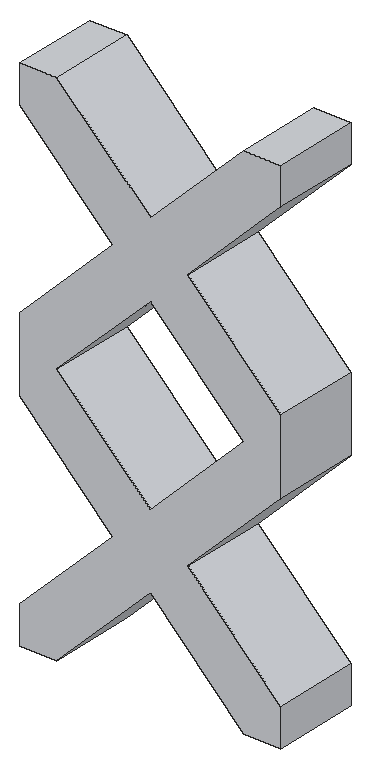
Revit family "Diamante", category Modelos genéricos, Revit 2019
Family settings
  Pode hospedar o vergalhão = Não
  Cota do conector redondo = Utilizar diâmetro
  Tipo de parte = Normal
  Com base no plano de trabalho = Não
  Sempre na vertical = Sim
  Corte com vazios quando carregada = Não
  Compartilhado = Não
  Ponto de cálculo do ambiente = Não
Parameters
  t2 = t1 / 2  # 30 mm
  t1 = Largura / 3.5  # 60 mm
  Largura = 210 mm
  Espessura = 70 mm
  Material = none
  Altura = Largura * 2  # 420 mm
Reference planes
  plane 1 "Centro (Frente/Trás)": y = 0
  plane 2: z = 0
  plane 3 "Centro (Esquerda/Direita)": x = 0
  plane 4: x = 210
  plane 5: z = 420
  plane 6: z = 210
  plane 7: z = 390
  plane 8: z = 240
  plane 9: z = 180
  plane 10: z = 315
  plane 11: z = 105
  plane 12: z = 345
  plane 13: z = 285
  plane 14: z = 30
  plane 15: z = 135
  plane 16: z = 75
  plane 17: y = 35
  plane 18: y = -35
  plane 19: x = 105
  plane 20: x = 30
  plane 21: x = 180
  plane 22: x = 75
  plane 23: x = 135
Forms (mm)
  Extrusion 1, solid, material <- "Material"
    sketch origin (0, 0, -90) x (1, 0, 0) y (0, 0, 1)
      loop
        line (30, 300) -> (105, 225) -> (180, 300) -> (105, 375) -> (30, 300)
      loop
        line (0, 270) -> (75, 195) -> (0, 120) -> (0, 90) -> (30, 90) -> (105, 165) -> (180, 90) -> (210, 90) -> (210, 120) -> (135, 195) -> (210, 270) -> (210, 330) -> (135, 405) -> (210, 480) -> (210, 510) -> (180, 510) -> (105, 435) -> (30, 510) -> (0, 510) -> (0, 480) -> (75, 405) -> (0, 330) -> (0, 270)
    from -35 to 35
Dimensions and locks
  equal spacing: plane 5, plane 10, plane 6, plane 11, level
  equal spacing: plane 8, plane 6, plane 9
  equal spacing: plane 12, plane 10, plane 13
  equal spacing: plane 15, plane 11, plane 16
  equal spacing: plane 17, plane 1 "Centro (Frente/Trás)", plane 18
  "Espessura": plane 17 to plane 18
  "t1": plane 12 to plane 13
  "t1": plane 8 to plane 9
  "t1": plane 15 to plane 16
  "t2": plane 14 to level
  equal spacing: plane 4, plane 19, plane 3 "Centro (Esquerda/Direita)"
  "Largura": plane 4 to plane 3 "Centro (Esquerda/Direita)"
  "Altura": plane 5 to plane 2
  "t2": plane 5 to plane 7
  "t2": plane 20 to plane 3 "Centro (Esquerda/Direita)"
  "t2": plane 4 to plane 21
  equal spacing: plane 22, plane 19, plane 23
  "t1": plane 22 to plane 23
  aligned and locked: level to plane 2
  aligned and locked: Extrusion 1 sketch curve to plane 3 "Centro (Esquerda/Direita)"  (x2)
  aligned and locked: Extrusion 1 sketch curve to plane 2
  aligned and locked: Extrusion 1 sketch curve to plane 4  (x2)
  aligned and locked: Extrusion 1 sketch curve to level
  aligned and locked: plane 17 to Extrusion 1
  aligned and locked: Extrusion 1 to plane 18
  aligned and locked: Extrusion 1 to plane 2
  aligned and locked: plane 2 to Extrusion 1
  aligned and locked: Extrusion 1 to plane 3 "Centro (Esquerda/Direita)"  (x3)
  aligned and locked: plane 4 to Extrusion 1  (x3)
  aligned and locked: plane 11 to Extrusion 1  (x2)
  aligned and locked: plane 15 to Extrusion 1
  aligned and locked: plane 16 to Extrusion 1
  aligned and locked: plane 6 to Extrusion 1  (x2)
  aligned and locked: plane 10 to Extrusion 1  (x2)
  aligned and locked: plane 12 to Extrusion 1
  aligned and locked: plane 13 to Extrusion 1
  aligned and locked: plane 5 to Extrusion 1  (x2)
  aligned and locked: plane 20 to Extrusion 1  (x4)
  aligned and locked: plane 22 to Extrusion 1  (x2)
  aligned and locked: plane 23 to Extrusion 1  (x2)
  aligned and locked: plane 21 to Extrusion 1  (x4)
  aligned and locked: plane 20 to Extrusion 1 sketch curve  (x2)
  aligned and locked: plane 21 to Extrusion 1 sketch curve  (x2)
  aligned and locked: plane 2 to Extrusion 1 sketch curve
  aligned and locked: plane 5 to Extrusion 1 sketch curve  (x2)
Automatic sketch dimensions
  Extrusion 1 sketch curve to plane 3 "Centro (Esquerda/Direita)" = 0 mm
  Extrusion 1 sketch curve to plane 10 = 0 mm  (x2)
  Extrusion 1 sketch curve to plane 11 = 0 mm  (x2)
  Extrusion 1 sketch curve to plane 19 = 0 mm  (x4)
  Extrusion 1 sketch curve to plane 15 = 0 mm
  Extrusion 1 sketch curve to plane 4 = 0 mm
  Extrusion 1 sketch curve to plane 14 = 0 mm  (x2)
  Extrusion 1 sketch curve to plane 8 = 0 mm  (x2)
  Extrusion 1 sketch curve to plane 9 = 0 mm  (x2)
  Extrusion 1 sketch curve to plane 7 = 0 mm  (x2)
  Extrusion 1 sketch curve to plane 6 = 0 mm  (x2)
